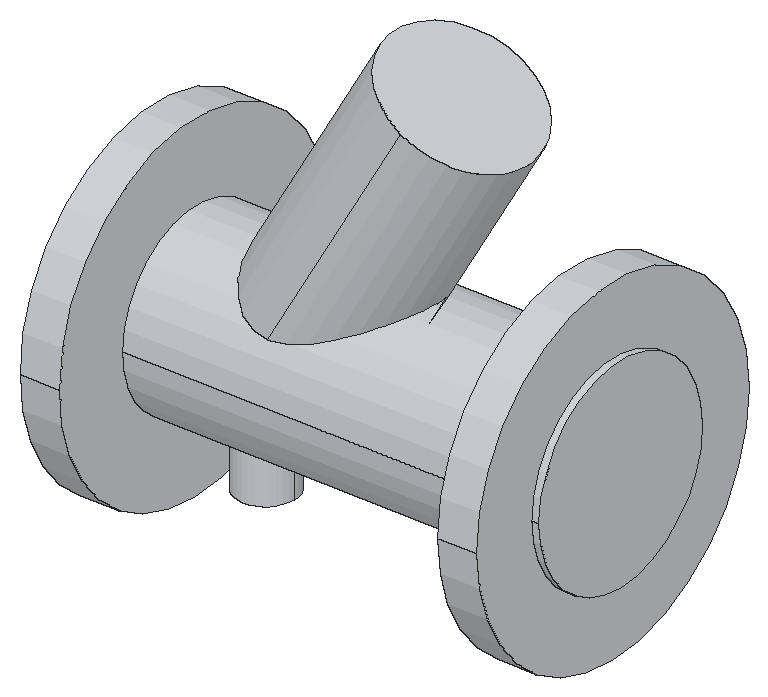
Revit family "HS 821-síto_jemné-PN25-DN050-RFA_2019", category Pipe Accessories, Revit 2019
Family settings
  Round Connector Dimension = Use Diameter
  Part Type = Breaks Into
  Work Plane-Based = No
  Always vertical = Yes
  Cut with Voids When Loaded = No
  Shared = No
Parameters (values of type "821D-DN050-PN25-síto_jemné")
  magiProductId = "5483b1f596b04cd39b23a14a22c90e"
  magiProductFamilyId = "79214ac3aaa945e397802f559f5c1e"
  magiPartTypeId = 307
  isMeasuringValve [instance] = no
  ang2D [instance] = 0.00°
  ZB__ve = -ZB  # -26.75 mm
  ZB1 = 40.095 mm
  ZB = 26.75 mm
  X2 = 79.061 mm
  X1 = 32.2 mm
  W2D = 15 mm
  VersionID = "2.0/2017.9.26.1/ZETKAMA_821_001"
  Use Minimum Symbol Size [instance] = yes
  URL = "www.hydronic.cz"
  Type Comments = "Filtr přírubový; síto jemné; A-PN16 (-10~300°C); D-PN25 (-10~350°C); F-PN40 (-10~400°C)"
  S = 99 mm
  QmdConnectorList = "301;D;302;D"
  Productdata [instance] = ""
  Manufacturer = "Hydronic Systems Prague s.r.o."
  MC Product Code = "210 250 (821D; DN050; PN25; kvs53,7; oko síta 0,63mm)"
  LM1 = 18.4 mm
  LM = 184 mm
  L4 = 57.5 mm
  L2D_Min = 3048 mm
  L2D = 130 mm
  L2 = 115 mm
  HH2 = 136.938 mm
  FD = 165 mm
  Description = "Filtr přírubový; síto jemné; 821A-PN16; 821D-PN25; 821F-PN40"
  DM1 = 73.8 mm
  DM = 89.1 mm
  D = 50 mm
  CC = 3.91 mm
  CAT0 = yes
  C1 = 19.09 mm
  C = 23 mm
  BD = 28.066 mm
Types (40, lengths in mm): name | magiProductId | ZB__ve | ZB1 | ZB | X2 | X1 | S | MC Product Code | LM1 | LM | L4 | L2 | HH2 | FD | DM1 | DM | D | CC | C1 | C | BD
  821A-DN015-PN16-síto_jemné | "a71bcfe8b393460598b23e8ddf7dc5" | -16.25 | 18.63 | 16.25 | 46.982 | 18.2 | 46 | "210 115 (821A; DN015; PN16; kvs6,2; oko síta 0,63mm)" | 10.4 | 104 | 32.5 | 65 | 81.375 | 95 | 27.6 | 41.4 | 15 | 2.21 | 10.79 | 13 | 13.041
  821A-DN020-PN16-síto_jemné | "41cd6c7a12924f4991217528336076" | -17.75 | 22.68 | 17.75 | 51.673 | 21 | 56 | "210 120 (821A; DN020; PN16; kvs9,6; oko síta 0,63mm)" | 12 | 120 | 37.5 | 75 | 89.5 | 105 | 33.6 | 50.4 | 20 | 2.55 | 12.45 | 15 | 15.876
  821A-DN025-PN16-síto_jemné | "be378b463ed14c3abf4c9b3ae8cf3a" | -19.25 | 26.325 | 19.25 | 58.601 | 22.4 | 65 | "210 125 (821A; DN025; PN16; kvs14,2; oko síta 0,63mm)" | 12.8 | 128 | 40 | 80 | 101.5 | 115 | 43.2 | 58.5 | 25 | 2.72 | 13.28 | 16 | 18.427
  821A-DN032-PN16-síto_jemné | "227a0d18b21540afabe8b6067d35fa" | -23 | 30.78 | 23 | 68.849 | 25.2 | 76 | "210 132 (821A; DN032; PN16; kvs23,1; oko síta 0,63mm)" | 14.4 | 144 | 45 | 90 | 119.25 | 140 | 50.4 | 68.4 | 32 | 3.06 | 14.94 | 18 | 21.546
  821A-DN040-PN16-síto_jemné | "d106917c74724141a10440112d0102" | -24.5 | 34.02 | 24.5 | 75.777 | 28 | 84 | "210 140 (821A; DN040; PN16; kvs36,6; oko síta 0,63mm)" | 16 | 160 | 50 | 100 | 131.25 | 150 | 60 | 75.6 | 40 | 3.4 | 16.6 | 20 | 23.814
  821A-DN050-PN16-síto_jemné | "8255d456a09e4f6486734f5dd9171b" | -26.75 | 40.095 | 26.75 | 79.061 | 32.2 | 99 | "210 150 (821A; DN050 PN16; kvs53,7; oko síta 0,63mm)" | 18.4 | 184 | 57.5 | 115 | 136.938 | 165 | 73.8 | 89.1 | 50 | 3.91 | 19.09 | 23 | 28.066
  821A-DN065-PN16-síto_jemné | "235b1b3e4c0843779a4d5e3716d40a" | -29.75 | 47.79 | 29.75 | 86.927 | 40.6 | 118 | "210 165 (821A; DN065; PN16; kvs95,1; oko síta 0,63mm)" | 23.2 | 232 | 72.5 | 145 | 150.562 | 185 | 94.2 | 106.2 | 65 | 4.93 | 24.07 | 29 | 33.453
  821A-DN080-PN16-síto_jemné | "a067f7c5236348ed8c820d16df7214" | -32 | 53.46 | 32 | 104.753 | 43.4 | 132 | "210 180 (821A; DN080; PN16; kvs137,1; oko síta 0,63mm)" | 24.8 | 248 | 77.5 | 155 | 181.438 | 200 | 107.4 | 118.8 | 80 | 5.27 | 25.73 | 31 | 37.422
  821A-DN100-PN16-síto_jemné | "c49a648c2747461285837d643703cd" | -35 | 63.18 | 35 | 114.857 | 49 | 156 | "210 190 (821A; DN100; PN16; kvs206,4; oko síta 0,63mm)" | 28 | 280 | 87.5 | 175 | 198.937 | 220 | 131.4 | 140.4 | 100 | 5.95 | 29.05 | 35 | 44.226
  821A-DN125-PN16-síto_jemné | "bf68e728a163493cbd2a663b26ebdc" | -39.5 | 74.52 | 39.5 | 131.888 | 56 | 184 | "210 191 (821A; DN125; PN16; kvs268,8; oko síta 0,63mm)" | 32 | 320 | 100 | 200 | 228.438 | 250 | 165 | 165.6 | 125 | 6.8 | 33.2 | 40 | 52.164
  821A-DN150-PN16-síto_jemné | "2de770284b654863ae6bc865769dc5" | -44.75 | 85.455 | 44.75 | 155.885 | 67.2 | 211 | "210 192 (821A; DN150; PN16; kvs401,4; oko síta 0,63mm)" | 38.4 | 384 | 120 | 240 | 270 | 285 | 192 | 189.9 | 150 | 8.16 | 39.84 | 48 | 59.818
  821A-DN200-PN16-síto_jemné | "8e5693371ab64aabb29a7f08c76e15" | -53 | 107.73 | 53 | 188.361 | 84 | 266 | "210 193 (821A; DN200; PN16; kvs706,7; oko síta 0,63mm)" | 48 | 480 | 150 | 300 | 326.25 | 340 | 252 | 239.4 | 200 | 10.2 | 49.8 | 60 | 75.411
  821A-DN250-PN16-síto_jemné | "05e37ed948c34047acdd4c42556504" | -62.75 | 129.195 | 62.75 | 255.911 | 102.2 | 319 | "210 194 (821A; DN250; PN16; kvs1229,4; oko síta 0,63mm)" | 58.4 | 584 | 182.5 | 365 | 443.25 | 405 | 309.6 | 287.1 | 250 | 12.41 | 60.59 | 73 | 90.436
  821A-DN300-PN16-síto_jemné | "9ad0af747269428da925480d83ce80" | -71 | 149.85 | 71 | 325.914 | 119 | 370 | "210 195 (821A; DN300; PN16; kvs1902,4; oko síta 0,63mm)" | 68 | 680 | 212.5 | 425 | 564.5 | 460 | 369.6 | 333 | 300 | 14.45 | 70.55 | 85 | 104.895
  821A-DN350-PN16-síto_jemné | "eebc71459bb3451bb4355e7951370a" | -80 | 173.745 | 80 | 356.875 | 137.2 | 429 | "200 196 (821A; DN350; PN16; kvs2611,0; oko síta 0,63mm)" | 78.4 | 784 | 245 | 490 | 618.125 | 520 | 438 | 386.1 | 350 | 16.66 | 81.34 | 98 | 121.621
  821A-DN400-PN16-síto_jemné | "d2f677cb196647e385b2590e7d8abe" | -89 | 194.4 | 89 | 392.237 | 154 | 480 | "210 197 (821A; DN400; PN16; kvs3438,4; oko síta 0,63mm)" | 88 | 880 | 275 | 550 | 679.375 | 580 | 498 | 432 | 400 | 18.7 | 91.3 | 110 | 136.08
  821D-DN015-PN25-síto_jemné | "27ddcbf555414f8ca1fde329bf9087" | -16.25 | 18.63 | 16.25 | 46.982 | 18.2 | 46 | "210 215 (821D; DN015; PN25; kvs6,2; oko síta 0,63mm)" | 10.4 | 104 | 32.5 | 65 | 81.375 | 95 | 27.6 | 41.4 | 15 | 2.21 | 10.79 | 13 | 13.041
  821D-DN020-PN25-síto_jemné | "270e0f14012f47189cd0235c18faee" | -17.75 | 22.68 | 17.75 | 51.673 | 21 | 56 | "210 220 (821D; DN020; PN25; kvs9,6; oko síta 0,63mm)" | 12 | 120 | 37.5 | 75 | 89.5 | 105 | 33.6 | 50.4 | 20 | 2.55 | 12.45 | 15 | 15.876
  821D-DN025-PN25-síto_jemné | "b9a7fb4aa36643878c637d8e1ab992" | -19.25 | 26.325 | 19.25 | 58.601 | 22.4 | 65 | "210 225 (821D; DN025; PN25; kvs14,2; oko síta 0,63mm)" | 12.8 | 128 | 40 | 80 | 101.5 | 115 | 43.2 | 58.5 | 25 | 2.72 | 13.28 | 16 | 18.427
  821D-DN032-PN25-síto_jemné | "6be9a55c4e68400f94eec7e804204c" | -23 | 30.78 | 23 | 68.849 | 25.2 | 76 | "210 232 (821D; DN032; PN25; kvs23,1; oko síta 0,63mm)" | 14.4 | 144 | 45 | 90 | 119.25 | 140 | 50.4 | 68.4 | 32 | 3.06 | 14.94 | 18 | 21.546
  821D-DN040-PN25-síto_jemné | "c54511bd7f584ec2984291479612cb" | -24.5 | 34.02 | 24.5 | 75.777 | 28 | 84 | "210 240 (821D; DN040; PN25; kvs36,6; oko síta 0,63mm)" | 16 | 160 | 50 | 100 | 131.25 | 150 | 60 | 75.6 | 40 | 3.4 | 16.6 | 20 | 23.814
  821D-DN050-PN25-síto_jemné | "5483b1f596b04cd39b23a14a22c90e" | -26.75 | 40.095 | 26.75 | 79.061 | 32.2 | 99 | "210 250 (821D; DN050; PN25; kvs53,7; oko síta 0,63mm)" | 18.4 | 184 | 57.5 | 115 | 136.938 | 165 | 73.8 | 89.1 | 50 | 3.91 | 19.09 | 23 | 28.066
  821D-DN065-PN25-síto_jemné | "767b0f8318e94750bc7a9930ed5b30" | -29.75 | 47.79 | 29.75 | 86.927 | 40.6 | 118 | "210 265 (821D; DN065; PN25; kvs95,1; oko síta 0,63mm)" | 23.2 | 232 | 72.5 | 145 | 150.562 | 185 | 94.2 | 106.2 | 65 | 4.93 | 24.07 | 29 | 33.453
  821D-DN080-PN25-síto_jemné | "e21040fa3cc2404b858198f6b73709" | -32 | 53.46 | 32 | 104.753 | 43.4 | 132 | "210 280 (821D; DN080; PN25; kvs137,1; oko síta 0,63mm)" | 24.8 | 248 | 77.5 | 155 | 181.438 | 200 | 107.4 | 118.8 | 80 | 5.27 | 25.73 | 31 | 37.422
  821D-DN100-PN25-síto_jemné | "175ca87a506b40b3bc6b82f12f33cf" | -37.25 | 63.18 | 37.25 | 114.857 | 49 | 156 | "210 290 (821D; DN100; PN25; kvs206,4; oko síta 0,63mm)" | 28 | 280 | 87.5 | 175 | 198.937 | 235 | 131.4 | 140.4 | 100 | 5.95 | 29.05 | 35 | 44.226
  821D-DN125-PN25-síto_jemné | "77cc98d60da24855999a22dff726b2" | -42.5 | 74.52 | 42.5 | 131.888 | 56 | 184 | "210 291 (821D; DN125; PN25; kvs268,8; oko síta 0,63mm)" | 32 | 320 | 100 | 200 | 228.438 | 270 | 165 | 165.6 | 125 | 6.8 | 33.2 | 40 | 52.164
  821D-DN150-PN25-síto_jemné | "9cf8acfcd15547d68e83172d3abcbe" | -47 | 85.455 | 47 | 155.885 | 67.2 | 211 | "210 292 (821D; DN150; PN25; kvs401,4; oko síta 0,63mm)" | 38.4 | 384 | 120 | 240 | 270 | 300 | 192 | 189.9 | 150 | 8.16 | 39.84 | 48 | 59.818
  821D-DN200-PN25-síto_jemné | "16973f3c9ea14389ba8602495a6b64" | -56 | 110.97 | 56 | 188.361 | 84 | 274 | "210 293 (821D; DN200; PN25; kvs706,7; oko síta 0,63mm)" | 48 | 480 | 150 | 300 | 326.25 | 360 | 252 | 246.6 | 200 | 10.2 | 49.8 | 60 | 77.679
  821F-DN015-PN40-síto_jemné | "4c7eaf3c4c0340888b3e684d8a8616" | -16.25 | 18.225 | 16.25 | 46.982 | 18.2 | 45 | "250 615 (821F; DN015; PN40; kvs6,2; oko síta 0,63mm)" | 10.4 | 104 | 32.5 | 65 | 81.375 | 95 | 27.6 | 40.5 | 15 | 2.21 | 10.79 | 13 | 12.757
  821F-DN020-PN40-síto_jemné | "aaac5f1ec96b44d6ba96ac2293d66d" | -17.75 | 23.49 | 17.75 | 51.673 | 21 | 58 | "250 620 (821F; DN020; PN40; kvs9,6; oko síta 0,63mm)" | 12 | 120 | 37.5 | 75 | 89.5 | 105 | 33.6 | 52.2 | 20 | 2.55 | 12.45 | 15 | 16.443
  821F-DN025-PN40-síto_jemné | "504768023968471481789485b54c7e" | -19.25 | 27.54 | 19.25 | 58.601 | 22.4 | 68 | "250 625 (821F; DN025; PN40; kvs14,2; oko síta 0,63mm)" | 12.8 | 128 | 40 | 80 | 101.5 | 115 | 43.2 | 61.2 | 25 | 2.72 | 13.28 | 16 | 19.278
  821F-DN032-PN40-síto_jemné | "165e7f39cf744f329bdf1c400dad12" | -23 | 31.59 | 23 | 68.849 | 25.2 | 78 | "250 632 (821F; DN032; PN40; kvs23,1; oko síta 0,63mm)" | 14.4 | 144 | 45 | 90 | 119.25 | 140 | 50.4 | 70.2 | 32 | 3.06 | 14.94 | 18 | 22.113
  821F-DN040-PN40-síto_jemné | "b8903f952089408fbf3a5a632bab1f" | -24.5 | 35.64 | 24.5 | 75.777 | 28 | 88 | "250 640 (821F; DN040; PN40; kvs36,6; oko síta 0,63mm)" | 16 | 160 | 50 | 100 | 131.25 | 150 | 60 | 79.2 | 40 | 3.4 | 16.6 | 20 | 24.948
  821F-DN050-PN40-síto_jemné | "c451f97266fe48da8f879cb6a2bd44" | -26.75 | 41.31 | 26.75 | 79.061 | 32.2 | 102 | "250 650 (821F; DN050; PN40; kvs53,7; oko síta 0,63mm)" | 18.4 | 184 | 57.5 | 115 | 136.938 | 165 | 73.8 | 91.8 | 50 | 3.91 | 19.09 | 23 | 28.917
  821F-DN065-PN40-síto_jemné | "dc9821e3f9b34e128f6a8c6b34c198" | -29.75 | 49.41 | 29.75 | 86.927 | 40.6 | 122 | "250 665 (821F; DN065; PN40; kvs95,1; oko síta 0,63mm)" | 23.2 | 232 | 72.5 | 145 | 150.562 | 185 | 94.2 | 109.8 | 65 | 4.93 | 24.07 | 29 | 34.587
  821F-DN080-PN40-síto_jemné | "689aa1e260f84cf4994f027a1d86b5" | -32 | 55.89 | 32 | 104.753 | 43.4 | 138 | "250 680 (821F; DN080; PN40; kvs137,1; oko síta 0,63mm)" | 24.8 | 248 | 77.5 | 155 | 181.438 | 200 | 107.4 | 124.2 | 80 | 5.27 | 25.73 | 31 | 39.123
  821F-DN100-PN40-síto_jemné | "8a45d4e8e2ab425f8c432f21d684f3" | -37.25 | 65.61 | 37.25 | 114.857 | 49 | 162 | "250 690 (821F; DN100; PN40; kvs206,4; oko síta 0,63mm)" | 28 | 280 | 87.5 | 175 | 198.937 | 235 | 131.4 | 145.8 | 100 | 5.95 | 29.05 | 35 | 45.927
  821F-DN125-PN40-síto_jemné | "cf073904c006406b8645afa67ea2fc" | -42.5 | 76.14 | 42.5 | 131.888 | 56 | 188 | "250 691 (821F; DN125; PN40; kvs268,8; oko síta 0,63mm)" | 32 | 320 | 100 | 200 | 228.438 | 270 | 165 | 169.2 | 125 | 6.8 | 33.2 | 40 | 53.298
  821F-DN150-PN40-síto_jemné | "0153b9ddabe14992a630484929fdbc" | -47 | 88.29 | 47 | 155.885 | 67.2 | 218 | "250 692 (821F; DN150; PN40; kvs401,4; oko síta 0,63mm)" | 38.4 | 384 | 120 | 240 | 270 | 300 | 192 | 196.2 | 150 | 8.16 | 39.84 | 48 | 61.803
  821F-DN200-PN40-síto_jemné | "7fb3fc01dd8d42428c203e3f8dd4d5" | -56 | 115.425 | 56 | 188.361 | 84 | 285 | "250 693 (821F; DN200; PN40; kvs706,7; oko síta 0,63mm)" | 48 | 480 | 150 | 300 | 326.25 | 360 | 252 | 256.5 | 200 | 10.2 | 49.8 | 60 | 80.797
Reference planes
  plane 1 "Center (Front/Back)": y = 0
  plane 2 "XYPLANE": z = 0
  plane 3 "Center (Left/Right)": x = 0
  plane 4 "109": x = -73.6
  plane 5 "108": x = 92
  plane 6 "107": x = -92
  plane 7 "105": x = 115
  plane 8 "104": x = -115
  plane 9 "103": y = 0
  plane 10 "102": z = 0
  plane 11 "101": x = -111.09
  plane 12 "100": x = 111.09
  plane 13 "11": x = -41.4
  plane 14 "10": z = 136.938
  plane 15 "9": x = 37.661
  plane 16 "5": z = -40.095
  plane 17 "4": x = -57.5
  plane 18 "1": x = 57.5
Forms (mm)
  Extrusion 1, solid, visible <- "CAT0"
    sketch origin (-92, -750, 0) x (0, 1, 0) y (0, 0, 1)
      loop
        circle (750, 0) r 44.55
    from 0 to 184 <- "LM"
  Extrusion 2, solid
    sketch origin (-115, -750, 0) x (0, 1, 0) y (0, 0, 1)
      loop
        circle (750, 0) r 49.5
    from 0 to 3.91 <- "CC"
  Extrusion 3, solid
    sketch origin (-111.09, -750, 0) x (0, 1, 0) y (0, 0, 1)
      loop
        circle (750, 0) r 82.5
    from 0 to 19.09 <- "C1"
  Extrusion 4, solid
    sketch origin (92, -750, 0) x (0, 1, 0) y (0, 0, 1)
      loop
        circle (750, 0) r 82.5
    from 0 to 19.09 <- "C1"
  Extrusion 5, solid
    sketch origin (111.09, -750, 0) x (0, 1, 0) y (0, 0, 1)
      loop
        circle (750, 0) r 49.5
    from 0 to 3.91 <- "CC"
  Sweep 6, solid, visible <- "CAT0"
    path origin (750, 0, 0) x (-1, 0, 0) y (0, 0, 1)
      loop
        line (842, 0) -> (791.4, 0) -> (712.339, 136.938)
    profile origin (-92, 0, 0) x (0, 0, -1) y (0, 1, 0)
      loop
        circle (0, 0) r 36.9
  Extrusion 7, solid, visible <- "CAT0"
    sketch origin (-750, 0, -40.095) x (1, 0, 0) y (0, 1, 0)
      loop
        circle (692.5, 0) r 14.033
    from 0 to -26.75 <- "ZB__ve"
  Extrusion 8, solid, visible <- "CAT0"
    sketch origin (-750, 0, -40.095) x (1, 0, 0) y (0, 1, 0)
      loop
        circle (807.5, 0) r 14.033
    from 0 to -26.75 <- "ZB__ve"
  Extrusion 9, solid, not visible
    sketch origin (115, -750, 0) x (0, 1, 0) y (0, 0, 1)
      loop
        circle (750, 0) r 10
    from 0 to -10
  Extrusion 10, solid, not visible
    sketch origin (-115, -750, 0) x (0, 1, 0) y (0, 0, 1)
      loop
        circle (750, 0) r 10
    from 0 to 10
Lines and regions (mm)
  reference lines, not visible
    curve 1: circle (2, 2, 0) r 1 normal (0, 0, 1)
Dimensions and locks
  plane 1 "Center (Front/Back)" to curve 1 = 2 mm
  "LM1": plane 6 "107" to plane 4 "109"
  "LM": plane 6 "107" to plane 5 "108"
  "C": plane 8 "104" to plane 6 "107"
  "L2": plane 3 "Center (Left/Right)" to plane 7 "105"
  "L2": plane 3 "Center (Left/Right)" to plane 8 "104"
  locked: plane 1 "Center (Front/Back)" to plane 9 "103"
  locked: plane 2 "XYPLANE" to plane 10 "102"
  "CC": plane 8 "104" to plane 11 "101"
  "C1": plane 5 "108" to plane 12 "100"
  "X1": plane 4 "109" to plane 13 "11"
  "HH2": plane 2 "XYPLANE" to plane 14 "10"
  "X2": plane 13 "11" to plane 15 "9"
  "ZB1": plane 2 "XYPLANE" to plane 16 "5"
  "L4": plane 8 "104" to plane 17 "4"
  "L2": plane 17 "4" to plane 18 "1"
  Sweep 6 sketch curve to Sweep 6 sketch curve = 0 mm  (x2)
  "DM": diameter of Extrusion 1 sketch curve
  "S": diameter of Extrusion 2 sketch curve
  "FD": diameter of Extrusion 3 sketch curve
  "FD": diameter of Extrusion 4 sketch curve
  "S": diameter of Extrusion 5 sketch curve
  "DM1": diameter of Sweep 6 sketch curve
  "BD": diameter of Extrusion 7 sketch curve
  "BD": diameter of Extrusion 8 sketch curve
  aligned and locked: level to plane 2 "XYPLANE"
  aligned and locked: Extrusion 1 sketch curve to plane 9 "103"
  aligned and locked: plane 10 "102" to Extrusion 1 sketch curve
  aligned and locked: Extrusion 2 sketch curve to plane 9 "103"
  aligned and locked: plane 10 "102" to Extrusion 2 sketch curve
  aligned and locked: Extrusion 3 sketch curve to plane 9 "103"
  aligned and locked: plane 10 "102" to Extrusion 3 sketch curve
  aligned and locked: Extrusion 4 sketch curve to plane 9 "103"
  aligned and locked: plane 10 "102" to Extrusion 4 sketch curve
  aligned and locked: Extrusion 5 sketch curve to plane 9 "103"
  aligned and locked: plane 10 "102" to Extrusion 5 sketch curve
  aligned and locked: Sweep 6 sketch curve to plane 9 "103"
  aligned and locked: plane 10 "102" to Sweep 6 sketch curve  (x3)
  aligned and locked: plane 6 "107" to Sweep 6 sketch curve
  aligned and locked: plane 13 "11" to Sweep 6 sketch curve
  aligned and locked: plane 14 "10" to Sweep 6 sketch curve
  aligned and locked: plane 15 "9" to Sweep 6 sketch curve
  aligned and locked: plane 9 "103" to Extrusion 7 sketch curve
  aligned and locked: plane 17 "4" to Extrusion 7 sketch curve
  aligned and locked: plane 9 "103" to Extrusion 8 sketch curve
  aligned and locked: plane 18 "1" to Extrusion 8 sketch curve
  aligned and locked: Extrusion 9 sketch curve to plane 9 "103"
  aligned and locked: plane 10 "102" to Extrusion 9 sketch curve
  aligned and locked: Extrusion 10 sketch curve to plane 9 "103"
  aligned and locked: plane 10 "102" to Extrusion 10 sketch curve
Automatic sketch dimensions
  plane 1 "Center (Front/Back)" to Extrusion 9 sketch curve = 10 mm
  plane 1 "Center (Front/Back)" to Extrusion 10 sketch curve = 10 mm
  plane 3 "Center (Left/Right)" to curve 1 = 2 mm
  radius of curve 1 = 1 mm
Connectors
  piping at (-115, 0, 0), diameter 50, driven by "D"
    settings: on Extrusion 10, index 1, connector inside diameter 609.6 mm, connector length 0 mm, flow factor 0, pipe flow 0.0 L/s, pressure drop 0.0 Pa, fitting loss kfactor 0, connector angle 0.00°, fixture units 0, engagement length 0 mm, angle of deflection 0.00°, flow configuration 0, flow direction 0, fitting loss method 0, system type 29, joint type 0, gender type 0, connector reference index 2, connector utility 0, adjustable connector no, is connector primary yes, connector description ""
  piping at (115, 0, 0), diameter 50, driven by "D"
    settings: on Extrusion 9, index 2, connector inside diameter 609.6 mm, connector length 0 mm, flow factor 0, pipe flow 0.0 L/s, pressure drop 0.0 Pa, fitting loss kfactor 0, connector angle 0.00°, fixture units 0, engagement length 0 mm, angle of deflection 0.00°, flow configuration 0, flow direction 0, fitting loss method 0, system type 29, joint type 0, gender type 0, connector reference index 1, connector utility 0, adjustable connector no, is connector primary no, connector description ""
